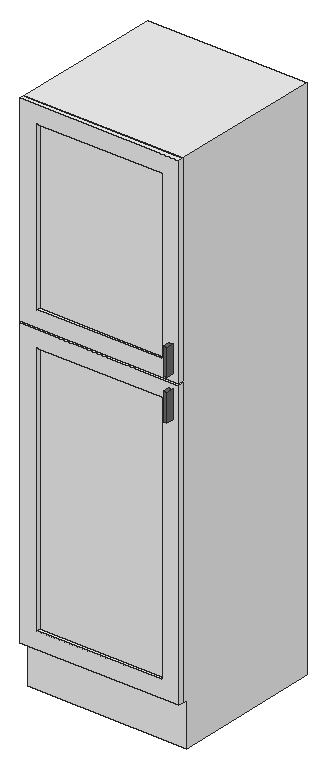
Revit family "M_Armário alto-Porta simples(2)", category Componentes de gabinete, Revit 2019
Family settings
  Número OmniClass = 23.40.35.17.47.11
  Título OmniClass = Kitchen Casework
  ID de item do Seek = Tall Cabinet-Single Door(2)-0000-CAN-ENU
  Com base no plano de trabalho = Não
  Sempre na vertical = Sim
  Corte com vazios quando carregada = Não
  Compartilhado = Não
  Ponto de cálculo do ambiente = Não
Parameters (values of type "600mm")
  Material do armário = none
  Linear = 600 mm
  Material da porta/gaveta = none
  Material do puxador = Armários - Puxadores
  Altura = 2000 mm
  Material do painel = Armários - Painel
  Profundidade da plataforma = 35 mm
  Altura do plinto = 160 mm
  Width = 600 mm
Types (3, lengths in mm): name | Width
  (no name) | 600
  600mm | 600
  1000mm | 1000
Reference planes
  plane 1 "Parte posterior": y = 0
  plane 2: z = 1.587
  plane 3 "Centro": x = 18.738
  plane 4 "Esquerda": x = -281.262
  plane 5 "Direita": x = 318.738
  plane 6 "Parte frontal": y = -600
  plane 7 "Superior": z = 2000
  plane 8: y = -565
  plane 9: z = 161.587
  plane 10: z = 703.068
  plane 11: z = 1244.548
  plane 12: z = 1622.274
Forms (mm)
  Extrusion 1, solid, material "Armários"
    sketch origin (0, -600, 0) x (1, 0, 0) y (0, 0, 1)
      loop
        line (-281.262, 161.587) -> (318.738, 161.587) -> (318.738, 2000) -> (-281.262, 2000) -> (-281.262, 161.587)
      loop
        line (-262.212, 1980.95) -> (-262.212, 180.637) -> (299.688, 180.637) -> (299.688, 1980.95) -> (-262.212, 1980.95)
    from -19.05 to -600
  Extrusion 2, solid, material "Armários"
    sketch origin (0, 0, 0) x (1, 0, 0) y (0, 0, 1)
      loop
        line (-262.212, 1980.95) -> (-262.212, 180.637) -> (299.688, 180.637) -> (299.688, 1980.95) -> (-262.212, 1980.95)
    from 0 to 19.05
  Extrusion 3, solid, material <- "Material da porta/gaveta"
    sketch origin (0, -600, 0) x (1, 0, 0) y (0, 0, 1)
      loop
        line (-281.262, 2000) -> (-281.262, 1247.723) -> (318.738, 1247.723) -> (318.738, 2000) -> (-281.262, 2000)
      loop
        line (-281.262, 161.587) -> (318.738, 161.587) -> (318.738, 1241.373) -> (-281.262, 1241.373) -> (-281.262, 161.587)
      loop
        line (-217.762, 1936.5) -> (-217.762, 1308.048) -> (255.238, 1308.048) -> (255.238, 1936.5) -> (-217.762, 1936.5)
      loop
        line (-217.762, 1181.048) -> (-217.762, 225.087) -> (255.238, 225.087) -> (255.238, 1181.048) -> (-217.762, 1181.048)
    from 0 to -19.05
  Extrusion 4, solid, material "Armários"
    sketch origin (0, 0, 0) x (1, 0, 0) y (0, 1, 0)
      loop
        line (-281.262, 0) -> (-281.262, -565) -> (318.738, -565) -> (318.738, 0) -> (-281.262, 0)
    from 0 to 161.587
  Extrusion 5, solid, material "Armários - Painel" <- "Material do painel"
    sketch origin (0, -600, 0) x (1, 0, 0) y (0, 0, 1)
      loop
        line (-217.762, 1936.5) -> (-217.762, 1308.048) -> (255.238, 1308.048) -> (255.238, 1936.5) -> (-217.762, 1936.5)
      loop
        line (-217.762, 1181.048) -> (-217.762, 225.087) -> (255.238, 225.087) -> (255.238, 1181.048) -> (-217.762, 1181.048)
    from -12.7 to -19.05
  Extrusion 6, solid, material "Armários - Puxadores" <- "Material do puxador"
    sketch origin (0, -600, 0) x (1, 0, 0) y (0, 0, 1)
      loop
        line (280.805, 1371.548) -> (280.805, 1269.948) -> (293.338, 1269.948) -> (293.338, 1371.548) -> (280.805, 1371.548)
      loop
        line (280.805, 1219.148) -> (280.805, 1117.548) -> (293.338, 1117.548) -> (293.338, 1219.148) -> (280.805, 1219.148)
    from 0 to 25.4
Cuts and joins
  joined: Extrusion 1, Extrusion 4
Lines and regions (mm)
  Masking region 1
    outline origin (0, 0, 0) x (1, 0, 0) y (0, 1, 0)
      loop
        line (-281.262, 0) -> (-281.262, -600) -> (318.738, -600) -> (318.738, 0) -> (-281.262, 0)
  model lines
    curve 1: line (255.238, -600, 225.087) -> (-217.762, -600, 225.087)
    curve 2: line (255.238, -600, 1181.048) -> (255.238, -600, 225.087)
    curve 3: line (-217.762, -600, 1181.048) -> (255.238, -600, 1181.048)
    curve 4: line (-217.762, -600, 225.087) -> (-217.762, -600, 1181.048)
    curve 5: line (-217.762, -600, 1936.5) -> (255.238, -600, 1936.5)
    curve 6: line (-217.762, -600, 1308.048) -> (-217.762, -600, 1936.5)
    curve 7: line (255.238, -600, 1308.048) -> (-217.762, -600, 1308.048)
    curve 8: line (255.238, -600, 1936.5) -> (255.238, -600, 1308.048)
    curve 9: line (-281.262, -600, 1244.548) -> (318.738, -600, 1244.548)
    curve 10: line (280.805, -600, 1269.948) -> (293.338, -600, 1269.948)
    curve 11: line (280.805, -600, 1371.548) -> (280.805, -600, 1269.948)
    curve 12: line (293.338, -600, 1371.548) -> (280.805, -600, 1371.548)
    curve 13: line (293.338, -600, 1269.948) -> (293.338, -600, 1371.548)
    curve 14: line (280.805, -600, 1219.148) -> (293.338, -600, 1219.148)
    curve 15: line (280.805, -600, 1117.548) -> (280.805, -600, 1219.148)
    curve 16: line (293.338, -600, 1117.548) -> (280.805, -600, 1117.548)
    curve 17: line (293.338, -600, 1219.148) -> (293.338, -600, 1117.548)
  symbolic lines, style "Giro da elevação"
    curve 18: line (318.738, 0, 2000) -> (-281.262, 0, 1623.862)
    curve 19: line (-281.262, 0, 1623.862) -> (318.738, 0, 1247.723)
    curve 20: line (318.738, 0, 1241.373) -> (-281.262, 0, 701.48)
    curve 21: line (-281.262, 0, 701.48) -> (318.738, 0, 161.587)
Dimensions and locks
  "Linear": plane 6 "Parte frontal" to plane 1 "Parte posterior"
  "Width": plane 4 "Esquerda" to plane 5 "Direita"
  equal spacing: plane 4 "Esquerda", plane 3 "Centro", plane 5 "Direita"
  "Altura": level to plane 7 "Superior"
  "Altura do plinto": plane 2 to plane 9
  "Profundidade da plataforma": plane 6 "Parte frontal" to plane 8
  locked: plane 7 "Superior" to plane 11 at 755.452
  equal spacing: plane 11, plane 10, plane 9
  locked: curve 1 to plane 9 at 63.5
  equal spacing: plane 7 "Superior", plane 12, plane 11
  aligned and locked: Extrusion 1 to plane 1 "Parte posterior"
  aligned and locked: Extrusion 1 to Extrusion 3
  aligned and locked: plane 9 to Extrusion 4
  aligned and locked: plane 5 "Direita" to Masking region 1 sketch curve
  aligned and locked: plane 1 "Parte posterior" to Masking region 1 sketch curve
  aligned and locked: Masking region 1 sketch curve to plane 4 "Esquerda"
  aligned and locked: Masking region 1 sketch curve to plane 6 "Parte frontal"
Automatic sketch dimensions
  Extrusion 1 sketch curve to plane 4 "Esquerda" = 0 mm
  Extrusion 1 sketch curve to plane 5 "Direita" = 0 mm
  Extrusion 1 sketch curve to plane 9 = 0 mm
  Extrusion 1 sketch curve to plane 7 "Superior" = 0 mm
  Extrusion 1 sketch curve to plane 4 "Esquerda" = 19.05 mm
  plane 5 "Direita" to Extrusion 1 sketch curve = 19.05 mm
  Extrusion 1 sketch curve to Extrusion 1 sketch curve = 19.05 mm
  plane 7 "Superior" to Extrusion 1 sketch curve = 19.05 mm
  Extrusion 2 sketch curve to plane 4 "Esquerda" = 19.05 mm
  plane 5 "Direita" to Extrusion 2 sketch curve = 19.05 mm
  Extrusion 2 sketch curve to plane 9 = 19.05 mm
  plane 7 "Superior" to Extrusion 2 sketch curve = 19.05 mm
  Extrusion 4 sketch curve to plane 4 "Esquerda" = 0 mm
  Extrusion 4 sketch curve to plane 5 "Direita" = 0 mm
  Extrusion 4 sketch curve to plane 8 = 0 mm
  Extrusion 4 sketch curve to plane 1 "Parte posterior" = 0 mm
  Extrusion 3 sketch curve to plane 4 "Esquerda" = 0 mm  (x2)
  Extrusion 3 sketch curve to plane 5 "Direita" = 0 mm  (x2)
  Extrusion 3 sketch curve to plane 9 = 0 mm
  Extrusion 3 sketch curve to plane 7 "Superior" = 0 mm
  Extrusion 3 sketch curve to plane 4 "Esquerda" = 63.5 mm  (x2)
  plane 5 "Direita" to Extrusion 3 sketch curve = 63.5 mm  (x2)
  plane 9 to Extrusion 3 sketch curve = 63.5 mm
  plane 11 to Extrusion 3 sketch curve = 63.5 mm
  plane 11 to Extrusion 3 sketch curve = 3.175 mm
  Extrusion 3 sketch curve to plane 11 = 3.175 mm
  Extrusion 3 sketch curve to plane 11 = 63.5 mm
  plane 7 "Superior" to Extrusion 3 sketch curve = 63.5 mm
  Extrusion 5 sketch curve to plane 4 "Esquerda" = 63.5 mm  (x2)
  plane 5 "Direita" to Extrusion 5 sketch curve = 63.5 mm  (x2)
  plane 9 to Extrusion 5 sketch curve = 63.5 mm
  plane 11 to Extrusion 5 sketch curve = 63.5 mm
  Extrusion 5 sketch curve to plane 11 = 63.5 mm
  plane 7 "Superior" to Extrusion 5 sketch curve = 63.5 mm
  plane 5 "Direita" to Extrusion 6 sketch curve = 37.932 mm  (x2)
  Extrusion 6 sketch curve to Extrusion 6 sketch curve = 12.532 mm  (x2)
  plane 11 to Extrusion 6 sketch curve = 127 mm
  plane 11 to Extrusion 6 sketch curve = 25.4 mm
  Extrusion 6 sketch curve to plane 11 = 25.4 mm
  Extrusion 6 sketch curve to Extrusion 6 sketch curve = 101.6 mm
  curve 21 to plane 5 "Direita" = 0 mm
  curve 20 to plane 5 "Direita" = 0 mm
  curve 19 to plane 5 "Direita" = 0 mm
  curve 18 to plane 5 "Direita" = 0 mm
  curve 9 to plane 5 "Direita" = 0 mm
  curve 9 to plane 4 "Esquerda" = 0 mm
  curve 21 to plane 4 "Esquerda" = 0 mm
  curve 18 to plane 4 "Esquerda" = 0 mm
  curve 18 to plane 7 "Superior" = 0 mm
  curve 9 to plane 11 = 0 mm
  curve 21 to plane 9 = 0 mm
  plane 5 "Direita" to curve 17 = 25.4 mm
  plane 5 "Direita" to curve 13 = 25.4 mm
  curve 10 to curve 11 = 12.532 mm
  curve 16 to curve 15 = 12.532 mm
  plane 5 "Direita" to curve 1 = 63.5 mm
  curve 10 to curve 7 = 25.568 mm
  curve 7 to plane 4 "Esquerda" = 63.5 mm
  curve 4 to plane 4 "Esquerda" = 63.5 mm
  plane 7 "Superior" to curve 6 = 63.5 mm
  curve 18 to plane 12 = 1.588 mm
  curve 12 to plane 11 = 127 mm
  curve 7 to plane 11 = 63.5 mm
  curve 11 to plane 11 = 25.4 mm
  curve 19 to curve 9 = 3.175 mm
  plane 11 to curve 20 = 3.175 mm
  plane 11 to curve 15 = 25.4 mm
  plane 11 to curve 3 = 63.5 mm
  curve 2 to curve 15 = 63.5 mm
  plane 10 to curve 20 = 1.588 mm
